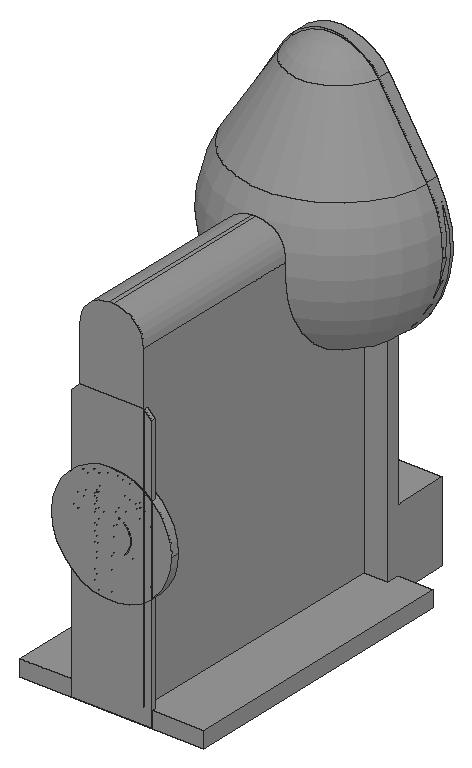
Revit family "Toilet-Willoughby-ETF-1490-FM-10-FA-BS-HC", category Plumbing Fixtures, Revit 2015
Parameters (values of type "Standard")
  Waste DIA = 2 3/8"
  Waste Connection = yes
  W-RAD [instance] = Waste DIA / 2  # 0' - 1 3/16"
  Vent Connection = no
  URL = "https://www.willoughby-ind.com/wp-content/uploads/2018/01/ETF-1490-FM-FA.pdf"
  Type Comments = ""
  Revision = "A"
  Model = "ETF-1490-FM-FA-10-BS-HC"
  Manufacturer = "Willoughby Industries"
  HW Connection = no
  Flush inlet DIA = 1 1/2"
  Fixture Body = Stainless Steel AISI 304-Willoughby
  F-RAD [instance] = Flush inlet DIA / 2  # 0' - 0 3/4"
  Description = "Floor Outlet, Floor Mounted Toilet, Front Access, With 10\" Rough In, Back Spud, Handicap Seat Height"
  Default Elevation = 0' - 0"
  Contact Number = "(800) 428-4065"
  CW Connection = yes
Reference planes (in)
  plane 1 "Base": y = -16.25
  plane 2: z = 0
  plane 3 "Center": x = 18.31072
  plane 4 "Waste height": y = -4.75
  plane 5: y = -1.25
  plane 6: z = -6.75
  plane 7: y = -2.125
  plane 8: y = -14.0625
  plane 9: y = 0
  plane 10: x = 16.31072
  plane 11: x = 20.31072
  plane 12: x = 11.56072
  plane 13: x = 25.06072
  plane 14: z = 23
  plane 15: z = 30.75
  plane 16: x = 15.81072
  plane 17: x = 20.81072
  plane 18: x = 15.81072
  plane 19: x = 20.81072
  plane 20: z = 10
  plane 21: x = 12.56072
  plane 22: x = 24.06072
  plane 23: y = 2.75
Forms (in)
  Extrusion 1, solid, material "Stainless Steel AISI 304-Willoughby" <- "Fixture Body"
    sketch origin (16.08109, 7.47968, -2.20225) x (-1, 0, 0) y (0, 0, -1)
      loop
        line (1.29775, -16.80087) -> (1.29775, -3.20225) -> (-5.72963, -3.20225) -> (-5.72963, -16.81676)
        arc (-5.72963, -16.81676) -> (-8.98136, -21.11843) -> (-8.21015, -26.45542) r 7
        line (-8.21015, -26.45542) -> (-5.16818, -31.31054)
        arc (-5.16818, -31.31054) -> (-2.20225, -32.95225) -> (0.76368, -31.31054) r 3.5
        line (0.76368, -31.31054) -> (3.80565, -26.45542)
        arc (3.80565, -26.45542) -> (4.5729, -21.10311) -> (1.29775, -16.80087) r 7
      loop
        arc (2.03989, -24.70557) -> (-2.20225, -18.23804) -> (-6.44438, -24.70557) r 4.625
        line (-6.44438, -24.70557) -> (-4.04125, -30.23842)
        arc (-4.04125, -30.23842) -> (-2.20225, -31.45225) -> (-0.36324, -30.23842) r 2
        line (-0.36324, -30.23842) -> (2.03989, -24.70557)
    from 8.72968 to 9.5
  Revolve 2, solid, material "Stainless Steel AISI 304-Willoughby" <- "Fixture Body"
    sketch origin (19.37246, -1.52032, 1.00169) x (-1, 0, 0) y (0, 0, -1)
      loop
        line (1.06174, -12.59906) -> (1.06174, -12.84906)
        arc (1.06174, -12.84906) -> (6.6808, -17.48143) -> (5.58904, -24.68148) r 7.38075
        line (5.58904, -24.68148) -> (3.81535, -27.91457)
        arc (3.81535, -27.91457) -> (2.63527, -29.03194) -> (1.06174, -29.43826) r 3.25
        line (1.06174, -29.43826) -> (1.06174, -29.68826)
        arc (1.06174, -29.68826) -> (2.75672, -29.25045) -> (4.02767, -28.04656) r 3.5
        line (4.02767, -28.04656) -> (7.06964, -23.19143)
        arc (7.06964, -23.19143) -> (7.15052, -16.14555) -> (1.06174, -12.59906) r 7
      axis (1.06174, -12.59906) -> (1.06174, -29.68826)
    angle from 0 to -180
  Extrusion 3, solid, material "Stainless Steel AISI 304-Willoughby" <- "Fixture Body"
    sketch origin (19.53334, -3.02032, -4.9508) x (0, 1, 0) y (0, 0, 1)
      loop
        line (-4.42257, 4.9508) -> (1.02643, 4.9508) -> (1.02643, 18.97156)
        arc (1.02643, 18.97156) -> (-2.31062, 20.32275) -> (-4.42257, 23.23845) r 6.52287
        line (-4.42257, 23.23845) -> (-4.42257, 4.9508)
    from 0.77738 to -3.22262
  Extrusion 4, solid, material "Stainless Steel AISI 304-Willoughby" <- "Fixture Body"
    sketch origin (18.31072, 0, -1) x (0, 1, 0) y (0, 0, 1)
      loop
        line (-1.25, 1) -> (2.25, 1) -> (2.25, 6) -> (-1.25, 6) -> (-1.25, 1)
    from -3.52738 to 3.5
  Extrusion 5, solid, material "Stainless Steel AISI 304-Willoughby" <- "Fixture Body"
    sketch origin (0, 0, 0) x (1, 0, 0) y (0, 1, 0)
      loop
        circle (18.31072, 0) r 0.75
    from 0 to 1
  Extrusion 6, solid, material "Stainless Steel AISI 304-Willoughby" <- "Fixture Body"
    sketch origin (0, -16.25, 0) x (1, 0, 0) y (0, 0, 1)
      loop
        line (24.06072, 0) -> (24.06072, 1) -> (12.56072, 1) -> (12.56072, 0) -> (24.06072, 0)
    from -15 to 3
  Extrusion 7, solid, material "Stainless Steel AISI 304-Willoughby" <- "Fixture Body"
    sketch origin (0, -16.25, 0) x (1, 0, 0) y (0, 0, 1)
      loop
        line (20.31072, 0) -> (20.31072, 21.125)
        arc (20.31072, 21.125) -> (19.76154, 22.45083) -> (18.43572, 23) r 1.875
        line (18.43572, 23) -> (18.18737, 23)
        arc (18.18737, 23) -> (16.86038, 22.45034) -> (16.31072, 21.12335) r 1.87665
        line (16.31072, 21.12335) -> (16.31072, 0) -> (20.31072, 0)
    from 3 to -8.80711
  Revolve 8, solid, material "Stainless Steel AISI 304-Willoughby" <- "Fixture Body"
    sketch origin (18.31072, -2.99916, 0) x (0, 1, 0) y (0, 0, 1)
      loop
        line (-16.25084, 10) -> (-14.75, 10) -> (-14.75, 11.1875) -> (-16.25084, 11.1875) -> (-16.25084, 10)
      axis (-14.75, 10) -> (-16.25084, 10)
    angle from 0 to 360
  Extrusion 9, solid, material "Stainless Steel AISI 304-Willoughby" <- "Fixture Body"
    sketch origin (0, -16.25, 0) x (1, 0, 0) y (0, 0, 1)
      loop
        circle (18.31072, 10) r 3.75
    from 2.5 to 3
  Extrusion 10, solid, material "Stainless Steel AISI 304-Willoughby" <- "Fixture Body"
    sketch origin (0, -16.25, 0) x (1, 0, 0) y (0, 0, 1)
      loop
        line (20.31072, 0) -> (20.81072, 0) -> (20.81072, 17.25) -> (20.31072, 17.75) -> (16.31072, 17.75) -> (15.81072, 17.25) -> (15.81072, 0) -> (20.31072, 0)
    from 2.75 to 3
Cuts and joins
  joined: Extrusion 1, Extrusion 3, Extrusion 4, Extrusion 6, Extrusion 7
Lines and regions (in)
  symbolic lines
    curve 1: line (24.06072, -16.25, 0) -> (12.56072, -16.25, 0)
    curve 2: line (12.56072, -16.25, 0) -> (12.56072, -1.25, 0)
    curve 3: line (24.06072, -1.25, 0) -> (24.06072, -16.25, 0)
    curve 4: line (11.28334, -1.25, 0) -> (25.28334, -1.25, 0)
    curve 5: line (25.28334, -1.25, 0) -> (25.28334, -2.02032, 0)
    curve 6: line (11.28334, -1.25, 0) -> (11.28334, -2.02032, 0)
    curve 7: arc (11.28334, -2.02032, 0) -> (13.51498, -6.65349, 0) -> (18.31072, -8.51019, 0) r 6.99765
    curve 8: arc (18.31072, -8.51019, 0) -> (23.06061, -6.62283, 0) -> (25.28334, -2.02032, 0) r 7.04283
    curve 9: line (20.31072, -8.20586, 0) -> (20.31072, -16.25, 0)
    curve 10: line (16.31072, -8.23264, 0) -> (16.31072, -16.25, 0)
    curve 11: line (14.78334, -1.25, 0) -> (14.78334, 2.25, 0)
    curve 12: line (14.78334, 2.25, 0) -> (21.81072, 2.25, 0)
    curve 13: line (21.81072, 2.25, 0) -> (21.81072, -1.25, 0)
    curve 14: line (12.56072, -16.25, 0) -> (24.06072, -16.25, 0)
    curve 15: line (24.06072, -16.25, 0) -> (24.06072, -16.25, 1)
    curve 16: line (24.06072, -16.25, 1) -> (21.81072, -16.25, 1)
    curve 17: line (21.81072, -16.25, 1) -> (21.81072, -16.25, 14.61451)
    curve 18: arc (21.81072, -16.25, 14.61451) -> (25.06245, -16.25, 18.91618) -> (24.29124, -16.25, 24.25317) r 7
    curve 19: line (24.29124, -16.25, 24.25317) -> (21.24927, -16.25, 29.1083)
    curve 20: arc (21.24927, -16.25, 29.1083) -> (18.28334, -16.25, 30.75) -> (15.31741, -16.25, 29.1083) r 3.5
    curve 21: line (15.31741, -16.25, 29.1083) -> (12.34391, -16.25, 24.26096)
    curve 22: arc (12.34391, -16.25, 24.26096) -> (11.52805, -16.25, 18.91587) -> (14.78334, -16.25, 14.59862) r 6.9627
    curve 23: line (14.78334, -16.25, 14.59862) -> (14.78334, -16.25, 1)
    curve 24: line (14.78334, -16.25, 1) -> (12.56072, -16.25, 1)
    curve 25: line (12.56072, -16.25, 1) -> (12.56072, -16.25, 0)
    curve 33: line (18.31072, -16.25, 0) -> (18.31072, 2.25, 0)
    curve 34: line (18.31072, 2.25, 0) -> (18.31072, 2.25, 5)
    curve 35: line (18.31072, 2.25, 5) -> (18.31072, -1.25, 5)
    curve 36: line (18.31072, -1.25, 5) -> (18.31072, -1.25, 30.75)
    curve 37: line (18.31072, -1.25, 30.75) -> (18.31072, -2.02032, 30.75)
    curve 38: arc (18.31072, -2.02032, 30.75) -> (18.31072, -3.2578, 30.24154) -> (18.31072, -4.25728, 29.3522) r 3.98525
    curve 39: arc (18.31072, -4.25728, 29.3522) -> (18.31072, -5.90323, 26.7793) -> (18.31072, -7.52822, 24.19312) r 375.83516
    curve 40: arc (18.31072, -7.52822, 24.19312) -> (18.31072, -7.84242, 23.61335) -> (18.31072, -8.08458, 23) r 5.47129
    curve 41: line (18.31072, -8.08458, 23) -> (18.31072, -16.25, 23)
    curve 42: line (18.31072, -16.25, 23) -> (18.31072, -16.25, 0)
    curve 43: line (18.31072, -1.25, 14.61451) -> (18.31072, -2.02032, 14.61451)
    curve 44: line (18.31072, -2.02032, 14.61451) -> (18.31072, -2.02032, 13.86451)
    curve 45: arc (18.31072, -2.02032, 14.0236) -> (18.31072, -4.75939, 14.72981) -> (18.31072, -6.87653, 16.60569) r 6.03985
    curve 46: arc (18.31072, -6.87653, 16.60569) -> (18.31072, -7.84778, 18.38651) -> (18.31072, -8.17881, 20.38777) r 6.07671
    curve 47: arc (18.31072, -8.17881, 20.38777) -> (18.31072, -8.15278, 21.69464) -> (18.31072, -8.08458, 23) r 40.48203
    curve 48: line (18.31072, -2.02032, 13.86451) -> (18.31072, -2.02032, 1)
    curve 49: line (18.31072, -2.02032, 1) -> (18.31072, -16.25, 1)
  symbolic lines, detail levels fine
    curve 26: arc (21.81072, -16.25, 8.65371) -> (22.06072, -16.25, 10) -> (21.81072, -16.25, 11.34629) r 3.75
    curve 27: arc (14.78334, -16.25, 11.27282) -> (14.56072, -16.25, 10) -> (14.78334, -16.25, 8.72718) r 3.75
    curve 29: line (22.52547, -16.25, 22.50332) -> (20.12234, -16.25, 28.03617)
    curve 30: arc (20.12234, -16.25, 28.03617) -> (18.28334, -16.25, 29.2424) -> (16.44433, -16.25, 28.03617) r 2.00498
    curve 31: line (16.44433, -16.25, 28.03617) -> (14.0412, -16.25, 22.50332)
    curve 32: arc (14.0412, -16.25, 22.50332) -> (18.28334, -16.25, 16.0358) -> (22.52547, -16.25, 22.50332) r 4.625
  symbolic lines, detail levels medium+fine
    curve 28: line (21.81072, -16.25, 5) -> (14.78334, -16.25, 5)
  reference lines
    curve 50: line (18.31072, -1.25, 18.75) -> (18.31072, -19.25, 18.75)
Dimensions and locks (in)
  plane 1 "Base" to plane 5 = 1' - 3"
  plane 1 "Base" to plane 9 = 1' - 4 1/4"
  level to plane 15 = 2' - 6 3/4"
  plane 21 to plane 22 = 0' - 11 1/2"  (x2)
  plane 13 to plane 22 = 0' - 1"
  locked: plane 10 to plane 11 at 4
  level to plane 20 = 0' - 10"
  plane 18 to plane 19 = 0' - 5"
  plane 9 to plane 1 "Base" = 1' - 4 1/4"
  "F-RAD": radius of Extrusion 5 sketch curve
  aligned and locked: plane 9 to Extrusion 5 sketch curve
  aligned and locked: plane 3 "Center" to Extrusion 5 sketch curve
  aligned and locked: Revolve 8 sketch curve to Revolve 8 sketch curve  (x2)
Automatic sketch dimensions
  Extrusion 1 sketch curve to Extrusion 1 sketch curve = 0' - 0"  (x8)
  level to Extrusion 1 sketch curve = 0' - 1"
  plane 3 "Center" to Extrusion 1 sketch curve = 0' - 5.98052"
  Extrusion 1 sketch curve to Extrusion 1 sketch curve = 0' - 1.76576"  (x2)
  plane 3 "Center" to Extrusion 1 sketch curve = 0' - 3 1/2"
  plane 3 "Center" to Extrusion 1 sketch curve = 0' - 2.93855"
  Extrusion 1 sketch curve to Extrusion 1 sketch curve = 0' - 1.12693"  (x2)
  Extrusion 1 sketch curve to plane 3 "Center" = 0' - 0.02738"  (x2)
  Extrusion 1 sketch curve to plane 3 "Center" = 0' - 1.86639"
  Extrusion 1 sketch curve to plane 3 "Center" = 0' - 3.52738"
  Extrusion 1 sketch curve to plane 3 "Center" = 0' - 4 69/256"
  Extrusion 1 sketch curve to Extrusion 1 sketch curve = 1' - 1.59862"
  Extrusion 1 sketch curve to Extrusion 1 sketch curve = 0' - 0.01589"
  Extrusion 1 sketch curve to Extrusion 1 sketch curve = 0' - 6.06218"
  Extrusion 1 sketch curve to Extrusion 1 sketch curve = 0' - 1.74985"
  Extrusion 1 sketch curve to Extrusion 1 sketch curve = 0' - 4.74668"
  Extrusion 1 sketch curve to Extrusion 1 sketch curve = 0' - 0.78617"
  Extrusion 1 sketch curve to Extrusion 1 sketch curve = 0' - 1.07212"
  Extrusion 4 sketch curve to level = 0' - 0"
  Extrusion 4 sketch curve to plane 5 = 0' - 0"
  Extrusion 4 sketch curve to plane 9 = 0' - 2 1/4"
  level to Extrusion 4 sketch curve = 0' - 5"
  Extrusion 6 sketch curve to level = 0' - 0"
  level to Extrusion 6 sketch curve = 0' - 1"
  plane 12 to Extrusion 6 sketch curve = 0' - 1"
  Extrusion 6 sketch curve to plane 13 = 0' - 1"
  Extrusion 3 sketch curve to level = 0' - 0"
  plane 4 "Waste height" to Extrusion 3 sketch curve = 0' - 2.69289"
  plane 7 to Extrusion 3 sketch curve = 0' - 0.13111"
  plane 5 to Extrusion 3 sketch curve = 0' - 0.05941"
  Extrusion 3 sketch curve to plane 14 = 0' - 2.49238"
  Extrusion 3 sketch curve to Extrusion 3 sketch curve = 0' - 6.48686"
  Revolve 8 sketch curve to plane 20 = 0' - 0"
  plane 1 "Base" to Revolve 8 sketch curve = 0' - 3"
  plane 8 to Revolve 8 sketch curve = 0' - 3.68666"
  plane 20 to Revolve 8 sketch curve = 0' - 1 3/16"
  Revolve 8 sketch curve to Revolve 8 sketch curve = 0' - 1.49916"
  Revolve 2 sketch curve to plane 3 "Center" = 0' - 0"  (x3)
  plane 3 "Center" to Revolve 2 sketch curve = 0' - 0"
  Revolve 2 sketch curve to plane 11 = 0' - 0.72567"
  plane 18 to Revolve 2 sketch curve = 0' - 0.25361"
  Revolve 2 sketch curve to Revolve 2 sketch curve = 0' - 0.21232"
  plane 12 to Revolve 2 sketch curve = 0' - 0.7421"
  Revolve 2 sketch curve to plane 15 = 0' - 0.06005"
  Revolve 2 sketch curve to Revolve 2 sketch curve = 0' - 0 1/4"  (x2)
  Revolve 2 sketch curve to plane 15 = 0' - 1.70176"
  Revolve 2 sketch curve to Revolve 2 sketch curve = 0' - 0.13199"
  plane 14 to Revolve 2 sketch curve = 0' - 1.19312"
  Revolve 2 sketch curve to plane 14 = 0' - 1.87935"
  Revolve 2 sketch curve to Revolve 2 sketch curve = 0' - 0.51991"
  plane 18 to Revolve 2 sketch curve = 0' - 2.0273"
  plane 14 to Revolve 2 sketch curve = 0' - 0.93995"
  Revolve 2 sketch curve to Revolve 2 sketch curve = 0' - 2.4108"
  Extrusion 9 sketch curve to plane 3 "Center" = 0' - 0"
  Extrusion 9 sketch curve to plane 20 = 0' - 0"
  Extrusion 7 sketch curve to level = 0' - 0"
  Extrusion 7 sketch curve to plane 10 = 0' - 0"
  Extrusion 7 sketch curve to plane 14 = 0' - 0"
  Extrusion 7 sketch curve to plane 11 = 0' - 0"
  Extrusion 7 sketch curve to plane 3 "Center" = 0' - 0.12335"
  plane 3 "Center" to Extrusion 7 sketch curve = 0' - 0 1/8"
  plane 18 to Extrusion 10 sketch curve = 0' - 0"
  Extrusion 10 sketch curve to level = 0' - 0"
  Extrusion 10 sketch curve to plane 10 = 0' - 0"
  Extrusion 10 sketch curve to plane 11 = 0' - 0"  (x2)
  plane 19 to Extrusion 10 sketch curve = 0' - 0"
  Extrusion 10 sketch curve to plane 14 = 0' - 5 3/4"
  Extrusion 10 sketch curve to Extrusion 10 sketch curve = 0' - 0"
  Extrusion 10 sketch curve to Extrusion 10 sketch curve = 0' - 0 1/2"
  curve 2 to plane 21 = 0' - 0"
  curve 10 to plane 10 = 0' - 0"
  curve 8 to plane 3 "Center" = 0' - 0"
  curve 7 to plane 3 "Center" = 0' - 0"
  curve 9 to plane 11 = 0' - 0"
  plane 5 to curve 13 = 0' - 0"
  curve 3 to plane 22 = 0' - 0"
  plane 1 "Base" to curve 1 = 0' - 0"
  plane 7 to curve 6 = 0' - 0.10468"
  curve 6 to plane 12 = 0' - 0.27738"
  curve 11 to plane 23 = 0' - 0 1/2"
  plane 18 to curve 11 = 0' - 1.02738"
  curve 8 to plane 3 "Center" = 0' - 0.04848"
  curve 8 to curve 7 = 0' - 0.00031"
  curve 3 to curve 4 = 0' - 1.22262"
  curve 5 to curve 4 = 0' - 0.77032"
  curve 13 to plane 19 = 0' - 1"
  curve 18 to curve 32 = 0' - 0"  (x2)
  curve 26 to curve 27 = 0' - 0"  (x2)
  plane 21 to curve 24 = 0' - 0"
  curve 27 to plane 3 "Center" = 0' - 0"
  plane 22 to curve 15 = 0' - 0"
  curve 14 to level = 0' - 0"
  curve 27 to plane 20 = 0' - 0"
  plane 21 to curve 21 = 0' - 0.21681"
  plane 18 to curve 23 = 0' - 1.02738"
  plane 18 to curve 21 = 0' - 0.49331"
  plane 10 to curve 31 = 0' - 0.13361"
  curve 22 to plane 3 "Center" = 0' - 0.0318"
  curve 32 to plane 3 "Center" = 0' - 0.02738"
  curve 30 to plane 3 "Center" = 0' - 0.02738"
  curve 20 to curve 30 = 0' - 0"
  curve 29 to plane 11 = 0' - 0.18838"
  curve 19 to plane 19 = 0' - 0.43855"
  curve 16 to plane 19 = 0' - 1"
  curve 19 to plane 22 = 0' - 0.23052"
  level to curve 16 = 0' - 1"
  level to curve 25 = 0' - 1"
  plane 20 to curve 23 = 0' - 4.59862"
  plane 20 to curve 17 = 0' - 4.61451"
  curve 22 to plane 14 = 0' - 2.37975"
  curve 22 to curve 18 = 0' - 0.04055"
  curve 30 to plane 15 = 0' - 3.51258"
  curve 30 to curve 20 = 0' - 0.01258"
  curve 20 to curve 29 = 0' - 0.78617"
  curve 31 to curve 21 = 0' - 1.07212"
  curve 32 to plane 14 = 0' - 0.49668"
  curve 32 to plane 21 = 0' - 1 123/256"
  curve 29 to plane 14 = 0' - 0.49668"
  curve 23 to curve 28 = 0' - 4"
  curve 26 to plane 20 = 0' - 1.34629"
  curve 27 to plane 20 = 0' - 1.27282"
  curve 33 to level = 0' - 0"
  curve 49 to plane 1 "Base" = 0' - 0"
  curve 47 to plane 14 = 0' - 0"
  curve 37 to plane 15 = 0' - 0"
  curve 43 to plane 5 = 0' - 0"
  plane 4 "Waste height" to curve 41 = 0' - 3.33458"
  curve 40 to plane 7 = 0' - 0.75875"
  plane 7 to curve 46 = 0' - 0.02286"
  plane 7 to curve 48 = 0' - 0.10468"
  plane 7 to curve 37 = 0' - 0.10468"
  plane 7 to curve 45 = 0' - 0.20115"
  curve 38 to plane 5 = 0' - 0.10406"
  curve 33 to plane 23 = 0' - 0 1/2"
  curve 47 to plane 14 = 0' - 2.76463"
  plane 23 to curve 47 = 2' - 5.55294"
  curve 39 to plane 6 = 13' - 11.71696"
  plane 23 to curve 39 = 25' - 8.76134"
  level to curve 34 = 0' - 5"
  plane 20 to curve 44 = 0' - 3.86451"
  curve 44 to curve 43 = 0' - 0 3/4"
  curve 45 to plane 14 = 0' - 2.93732"
  curve 45 to curve 46 = 0' - 0.30221"
  curve 46 to curve 40 = 0' - 0.93619"
  plane 14 to curve 38 = 0' - 3.86185"
  curve 46 to curve 47 = 0' - 0"
  curve 39 to curve 40 = 0' - 0"
  plane 4 "Waste height" to curve 46 = 0' - 2.12653"
  curve 33 to curve 49 = 0' - 1"
  curve 50 to plane 5 = 0' - 0"
  curve 50 to plane 14 = 0' - 4 1/4"
  plane 1 "Base" to curve 50 = 0' - 3"
  radius of Extrusion 9 sketch curve = 0' - 3 3/4"
Connectors (in)
  piping at (18.31072, 0, 1), diameter 1.5, driven by "F-RAD", driven by "CW Connection"
    settings: on Extrusion 5, index 2, connector inside diameter 1 1/2", connector length 0' - 0", flow factor 0, pipe flow 0 GPM, pressure drop 0.00 psi, fitting loss kfactor 0, connector angle 0.00°, fixture units 0, engagement length 0' - 0", angle of deflection 0.00°, flow configuration 0, flow direction 1, fitting loss method 0, system type 20, joint type 0, gender type 0, connector reference index -1, connector utility 1, adjustable connector no, is connector primary yes, connector description "Flush Inlet"
  piping at (18.31072, -19.25, 10), diameter 2.375, driven by "W-RAD", driven by "Waste Connection"
    settings: on Revolve 8, index 4, connector inside diameter 24", connector length 0' - 0", flow factor 0, pipe flow 1.6 GPM, pressure drop 0.00 psi, fitting loss kfactor 0, connector angle 0.00°, fixture units 0, engagement length 0' - 0", angle of deflection 0.00°, flow configuration 0, flow direction 2, fitting loss method 0, system type 16, joint type 0, gender type 0, connector reference index -1, connector utility 1, adjustable connector no, is connector primary no, connector description "Toilet Waste"
